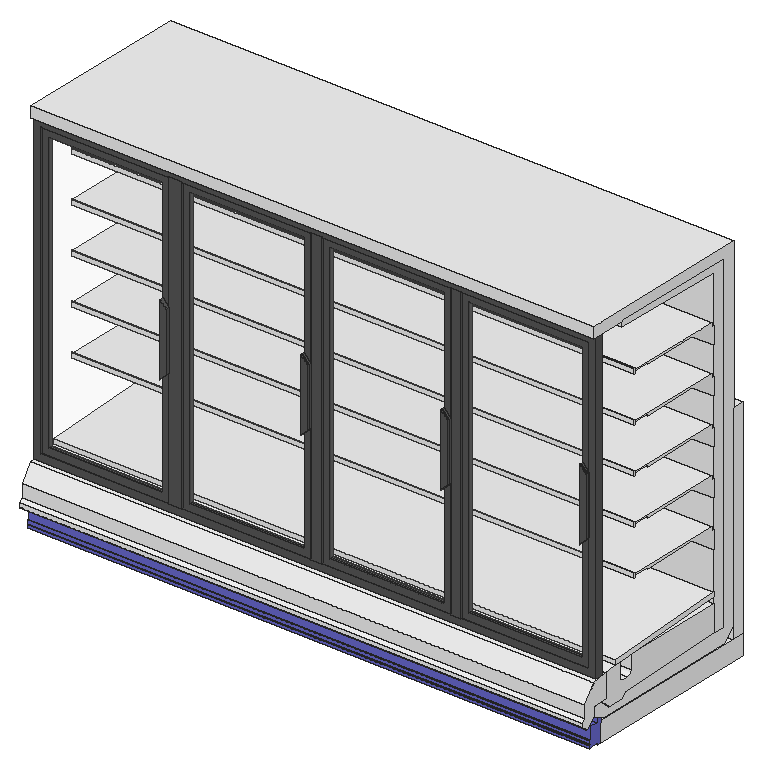
Revit family
Parameters (values of type "RM-4DR. INV 1 & 3")
  Width = 122 7/8"
  Voltage [instance] = 120 V
  URL = "www.hussmann.com"
  Type Comments = "LT Reach-In Merchandiser"
  Temp Sensor [instance] = "Low Voltage"
  Telephone = no
  System Control = "1.00 A"
  Standard Right End Cap On/Off [instance] = no
  Standard Left End Cap On/Off [instance] = no
  Revit Family Dates = "4/23/12PMA(0212)"
  Refrigerant Suction Connection Diameter = 7/8"
  Refrigerant Liquid Connection Diameter = 3/8"
  Refrig. Suction [instance] = "Suction"
  Refrig. Liquid [instance] = "Liquid"
  R.I. RH Doors YES/NO [instance] = no
  R.I. LH Doors YES/NO [instance] = yes
  R.I. - RH Door Swing YES/NO [instance] = no
  R.I. - LH Door Swing YES/NO [instance] = yes
  Phase [instance] = 1
  Number of Shelves = 0
  Model = "RM-4"
  Mirrored Right End Cap On/Off [instance] = no
  Mirrored Left End Cap On/Off [instance] = no
  Manufacturer = "Hussmann Corporation"
  MCA (Min Circ Amp) [instance] = 4.2 A
  Linear Shelf Length = 0"
  Height = 82 3/8"
  Front Height = 0"
  Frequency [instance] = 60 Hz
  Finish_Trim [instance] = Stainless Steel 2
  Finish_Top [instance] = none
  Finish_Shelf [instance] = Stainless Steel
  Finish_Handle = Metal-Black-Door
  Finish_Glass [instance] = Glass 2
  Finish_Frame = Metal-Black-Door
  Finish_Door [instance] = Metal-Black-Door
  Finish_Case [instance] = Stainless Steel
  Finish_Bumper [instance] = Metal-Blue-Trim
  Finish_Base [instance] = Stainless Steel
  EMS = no
  Drain Pipe Size = "1 1/4\""
  Description = "Low Temperature Reach-in(Frozen Food & Ice Cream)"
  Depth = 43 3/4"
  Data = "N/A"
  Copper-Suction [instance] = Copper
  Copper-Liquid [instance] = Copper
  Case Lights Amps [instance] = "0.72 A"
  Case Lights [instance] = 0.72 A
  Case Fans (MCA) [instance] = "4.20 A"
  Assembly Code = ""
  Accessories/Options = ""
Reference planes (in)
  plane 1 "Center (Front/Back)": y = 0
  plane 2: z = 0
  plane 3: y = -41.625
  plane 4: z = 13
  plane 5: z = 80
  plane 6: z = 82.375
  plane 7: y = -32
  plane 8: y = -43.75
  plane 9: y = -40.75
  plane 10: x = -62.05503
  plane 11: y = -40
  plane 12: x = 60.81997
  plane 13: x = 55.82723
  plane 14: y = -33
  plane 15: y = -37
  plane 16: x = -0.61027
  plane 17: y = -34.625
  plane 18: x = -25.61949
  plane 19: y = -33.625
  plane 20: x = 24.39895
Forms (in)
  Extrusion 1, solid, material "Stainless Steel" <- "Finish_Case"
    sketch origin (-62.05503, 0, 0) x (0, 1, 0) y (0, 0, 1)
      loop
        line (-5, 4.63662) -> (-2.5, 7.13662) -> (-2.5, 82.375) -> (-40.75, 82.375) -> (-40.75, 80) -> (-5.5, 80) -> (-5.5, 8.31202) -> (-32.09633, 7.00826) -> (-33.05546, 6.04913) -> (-36.55546, 6.04913) -> (-38.5, 7.99367) -> (-40.75, 7.99367) -> (-40.75, 5.99367) -> (-37.75, 4.63662) -> (-5, 4.63662)
    from 0 to 122.87891
  Extrusion 2, solid, material "Stainless Steel" <- "Finish_Case"
    sketch origin (-62.05503, 0, 0) x (0, 1, 0) y (0, 0, 1)
      loop
        line (-37.25, 13) -> (-40.75, 12.69379) -> (-43.04431, 9.41718) -> (-43.04431, 6.66718) -> (-43.75, 5.96149) -> (-43.75, 5.08872) -> (-42.58027, 4.2259) -> (-40.75, 5.99367) -> (-40.75, 7.99367) -> (-37.25, 7.99367) -> (-37.25, 13)
    from 0 to 122.87891
  Extrusion 3, solid, material "Stainless Steel" <- "Finish_Case"
    sketch origin (-62.05503, 0, 0) x (0, 1, 0) y (0, 0, 1)
      loop
        line (-2.5, 4.26162) -> (0, 4.26162) -> (0, 49.76162) -> (-2.5, 49.76162) -> (-2.5, 4.26162)
    from 0 to 122.87891
  Extrusion 4, solid, material "Stainless Steel" <- "Finish_Case"
    sketch origin (-62.05503, 0, 0) x (0, 1, 0) y (0, 0, 1)
      loop
        line (-5.5, 80) -> (-33, 80) -> (-33, 78.93638) -> (-7.75, 78.49564) -> (-7.75, 7.85845) -> (-5.5, 7.93702) -> (-5.5, 80)
    from 0 to 122.87891
  Extrusion 5, solid
    sketch origin (-62.05503, 0, 0) x (0, 1, 0) y (0, 0, 1)
      loop
        line (-33, 78.93638) -> (-33, 77.93638) -> (-30, 77.93638) -> (-30, 78.88401) -> (-33, 78.93638)
    from 0 to 119.87891
  Extrusion 6, solid, material "Stainless Steel" <- "Finish_Base"
    sketch origin (-62.05503, 0, 0) x (0, 1, 0) y (0, 0, 1)
      loop
        line (-36.55546, 6.04913) -> (-33.05546, 6.04913) -> (-32.09633, 7.00826) -> (-7.75, 7.85845) -> (-7.75, 13.65118) -> (-30.30697, 13.65118) -> (-30.30697, 10.65118)
        arc (-30.30697, 10.65118) -> (-30.59986, 9.94407) -> (-31.30697, 9.65118) r 1
        line (-31.30697, 9.65118) -> (-32.55697, 9.65118)
        arc (-32.55697, 9.65118) -> (-33.26408, 9.94407) -> (-33.55697, 10.65118) r 1
        line (-33.55697, 10.65118) -> (-33.55697, 13.52897) -> (-37.25, 13) -> (-37.25, 7.99367) -> (-38.5, 7.99367) -> (-36.55546, 6.04913)
    from 0 to 122.87891
  Extrusion 7, solid, material "Stainless Steel" <- "Finish_Shelf"
    sketch origin (-62.05503, 0, 0) x (0, 1, 0) y (0, 0, 1)
      loop
        line (-7.75, 64.26162) -> (-7.75, 68.01162) -> (-8.5, 68.01162) -> (-8.5, 69.01162) -> (-29.5, 69.01162) -> (-29.5, 69.26162) -> (-29.75, 69.26162) -> (-29.75, 68.26162) -> (-29.5, 68.26162) -> (-29.5, 68.76162) -> (-26, 68.76162) -> (-26, 68.51162) -> (-13.81963, 68.51162) -> (-7.75, 64.26162)
      loop
        line (-7.75, 54.26162) -> (-7.75, 58.01162) -> (-8.5, 58.01162) -> (-8.5, 59.01162) -> (-29.5, 59.01162) -> (-29.5, 59.26162) -> (-29.75, 59.26162) -> (-29.75, 58.26162) -> (-29.5, 58.26162) -> (-29.5, 58.76162) -> (-26, 58.76162) -> (-26, 58.51162) -> (-13.81963, 58.51162) -> (-7.75, 54.26162)
      loop
        line (-7.75, 44.26162) -> (-7.75, 48.01162) -> (-8.5, 48.01162) -> (-8.5, 49.01162) -> (-29.5, 49.01162) -> (-29.5, 49.26162) -> (-29.75, 49.26162) -> (-29.75, 48.26162) -> (-29.5, 48.26162) -> (-29.5, 48.76162) -> (-26, 48.76162) -> (-26, 48.51162) -> (-13.81963, 48.51162) -> (-7.75, 44.26162)
      loop
        line (-7.75, 34.26162) -> (-7.75, 38.01162) -> (-8.5, 38.01162) -> (-8.5, 39.01162) -> (-29.5, 39.01162) -> (-29.5, 39.26162) -> (-29.75, 39.26162) -> (-29.75, 38.26162) -> (-29.5, 38.26162) -> (-29.5, 38.76162) -> (-26, 38.76162) -> (-26, 38.51162) -> (-13.81963, 38.51162) -> (-7.75, 34.26162)
      loop
        line (-7.75, 24.26162) -> (-7.75, 28.01162) -> (-8.5, 28.01162) -> (-8.5, 29.01162) -> (-29.5, 29.01162) -> (-29.5, 29.26162) -> (-29.75, 29.26162) -> (-29.75, 28.26162) -> (-29.5, 28.26162) -> (-29.5, 28.76162) -> (-26, 28.76162) -> (-26, 28.51162) -> (-13.81963, 28.51162) -> (-7.75, 24.26162)
      loop
        line (-34.54319, 13.47728) -> (-7.75, 14.88146) -> (-7.75, 15.88283) -> (-34.54319, 14.47866) -> (-34.54319, 13.47728)
    from 0 to 122.87891
  Extrusion 8, solid, material "Stainless Steel"
    sketch origin (-60.55503, 0, 0) x (0, 1, 0) y (0, 0, 1)
      loop
        line (0, 4.26162) -> (-38.66016, 4.26162) -> (-38.66016, 0) -> (0, 0) -> (0, 4.26162)
    from 0 to -1.5
  Extrusion 9, solid, material "Stainless Steel"
    sketch origin (59.32723, 0, 0) x (0, 1, 0) y (0, 0, 1)
      loop
        line (0, 4.26162) -> (-38.66016, 4.26162) -> (-38.66016, 0) -> (0, 0) -> (0, 4.26162)
    from 0 to 1.5
  Extrusion 10, solid, material "Metal-Blue-Trim"
    sketch origin (-65.05503, 0, 0) x (0, 1, 0) y (0, 0, 1)
      loop
        line (-38.66016, 4.7871) -> (-39.66016, 5.36445) -> (-39.66016, 4.26162) -> (-41.375, 4.55297) -> (-41.375, 1.75) -> (-41.625, 1.75) -> (-41.625, 1) -> (-41.375, 1) -> (-41.375, 0.75) -> (-41.625, 0.75) -> (-41.625, 0.19004) -> (-39.66016, 0.52548) -> (-39.66016, 0) -> (-38.66016, 0) -> (-38.66016, 4.7871)
    from 3 to 125.87891
  Extrusion 11, solid, material "Stainless Steel"
    sketch origin (-65.05503, 0, 0) x (0, 1, 0) y (0, 0, 1)
      loop
        line (-30, 1.76162) -> (0, 1.76162) -> (0, 4.26162) -> (-30, 4.26162) -> (-30, 1.76162)
    from 4.5 to 124.37891
  Extrusion 12, solid, material "Glass 2"
    sketch origin (0, 0, 0) x (1, 0, 0) y (0, 1, 0)
      loop
        circle (55.82723, -37) r 0.375
      loop
        circle (55.82723, -37) r 0.36775
      loop
        circle (54.95081, -37) r 0.375
      loop
        circle (54.95081, -37) r 0.36775
      loop
        circle (54.07439, -37) r 0.375
      loop
        circle (54.07439, -37) r 0.36775
      loop
        circle (53.19797, -37) r 0.375
      loop
        circle (53.19797, -37) r 0.36775
      loop
        circle (52.32155, -37) r 0.375
      loop
        circle (52.32155, -37) r 0.36775
    from 4.63662 to 3.61208
  Extrusion 13, solid, material "Glass 2"
    sketch origin (0, 0, 0) x (1, 0, 0) y (0, 1, 0)
      loop
        circle (-0.61558, -34.54319) r 0.625
      loop
        circle (-0.61558, -34.54319) r 0.57589
    from 6.42413 to 1.75
  Extrusion 14, solid, material "Copper" <- "Copper-Suction"
    sketch origin (47.19921, 0, -0.375) x (1, 0, 0) y (0, 1, 0)
      loop
        circle (8.62802, -33) r 0.4375
      loop
        circle (8.62802, -33) r 0.41359
    from 4.26162 to 3.85142
  Extrusion 15, solid, material "Copper" <- "Copper-Liquid"
    sketch origin (47.19921, 0, -0.375) x (1, 0, 0) y (0, 1, 0)
      loop
        circle (7.05443, -33) r 0.1875
      loop
        circle (7.05443, -33) r 0.17284
    from 4.26162 to 3.85142
Lines and regions (in)
  symbolic lines
    curve 1: line (-62.05503, -43.75, 0) -> (-62.05503, 0, 0)
    curve 2: line (60.82723, 0, 0) -> (-62.05503, 0, 0)
    curve 3: line (60.82723, 0, 0) -> (60.82723, -43.75, 0)
    curve 4: line (-62.05503, -43.75, 0) -> (60.82723, -43.75, 0)
Dimensions and locks (in)
  plane 1 "Center (Front/Back)" to plane 3 = 41 5/8"
  "Depth": plane 1 "Center (Front/Back)" to plane 8
  level to plane 4 = 13"
  plane 3 to plane 1 "Center (Front/Back)" = 41 5/8"
  "Height": level to plane 6
  locked: plane 12 to plane 10 at 122.875
  plane 10 to plane 12 = 122 7/8"  (x2)
  plane 8 to plane 1 "Center (Front/Back)" = 43 3/4"
  aligned and locked: level to plane 2
  aligned and locked: curve 4 to Extrusion 2
  aligned and locked: Extrusion 12 to Extrusion 1
Automatic sketch dimensions
  Extrusion 1 sketch curve to plane 9 = 0"  (x2)
  Extrusion 1 sketch curve to plane 5 = 0"
  Extrusion 1 sketch curve to plane 6 = 0"
  Extrusion 1 sketch curve to Extrusion 1 sketch curve = 1.19454"
  plane 7 to Extrusion 1 sketch curve = 1.05546"
  plane 7 to Extrusion 1 sketch curve = 0.09633"
  plane 1 "Center (Front/Back)" to Extrusion 1 sketch curve = 5 1/2"
  Extrusion 1 sketch curve to Extrusion 1 sketch curve = 1/2"
  plane 1 "Center (Front/Back)" to Extrusion 1 sketch curve = 2 1/2"
  plane 4 to Extrusion 1 sketch curve = 5.00633"
  plane 4 to Extrusion 1 sketch curve = 4.68798"
  plane 4 to Extrusion 1 sketch curve = 5.99174"
  Extrusion 1 sketch curve to Extrusion 1 sketch curve = 1.1754"
  Extrusion 1 sketch curve to Extrusion 1 sketch curve = 1.94454"
  Extrusion 1 sketch curve to Extrusion 1 sketch curve = 2"
  Extrusion 1 sketch curve to Extrusion 1 sketch curve = 2 1/2"
  Extrusion 2 sketch curve to plane 8 = 0"
  Extrusion 2 sketch curve to plane 9 = 0"  (x2)
  Extrusion 2 sketch curve to plane 4 = 0"
  Extrusion 2 sketch curve to plane 8 = 0.70569"
  plane 3 to Extrusion 2 sketch curve = 0.95527"
  plane 4 to Extrusion 2 sketch curve = 0.30621"
  plane 4 to Extrusion 2 sketch curve = 3.58282"
  Extrusion 2 sketch curve to Extrusion 2 sketch curve = 1.42351"
  Extrusion 2 sketch curve to Extrusion 2 sketch curve = 1.32649"
  Extrusion 2 sketch curve to Extrusion 2 sketch curve = 2"
  Extrusion 2 sketch curve to Extrusion 2 sketch curve = 0.70569"
  Extrusion 2 sketch curve to Extrusion 2 sketch curve = 0.87277"
  Extrusion 2 sketch curve to Extrusion 2 sketch curve = 0.86282"
  Extrusion 3 sketch curve to plane 1 "Center (Front/Back)" = 0"
  Extrusion 3 sketch curve to Extrusion 3 sketch curve = 2 1/2"
  level to Extrusion 3 sketch curve = 4.26162"
  plane 5 to Extrusion 3 sketch curve = 30.23838"
  Extrusion 4 sketch curve to plane 5 = 0"
  plane 7 to Extrusion 4 sketch curve = 1"
  plane 1 "Center (Front/Back)" to Extrusion 4 sketch curve = 7 3/4"
  Extrusion 4 sketch curve to Extrusion 4 sketch curve = 2 1/4"
  Extrusion 4 sketch curve to Extrusion 4 sketch curve = 1.06362"
  plane 5 to Extrusion 4 sketch curve = 1.50436"
  plane 4 to Extrusion 4 sketch curve = 5.06298"
  Extrusion 4 sketch curve to Extrusion 4 sketch curve = 0.07857"
  plane 7 to Extrusion 5 sketch curve = 1"
  Extrusion 5 sketch curve to plane 7 = 2"
  plane 5 to Extrusion 5 sketch curve = 2.06362"
  Extrusion 5 sketch curve to Extrusion 5 sketch curve = 0.94763"
  Extrusion 5 sketch curve to Extrusion 5 sketch curve = 1"
  Extrusion 6 sketch curve to plane 4 = 0"
  Extrusion 6 sketch curve to Extrusion 6 sketch curve = 0.69454"
  plane 7 to Extrusion 6 sketch curve = 1.55697"
  plane 7 to Extrusion 6 sketch curve = 1.05546"
  plane 7 to Extrusion 6 sketch curve = 0.55697"
  plane 7 to Extrusion 6 sketch curve = 0.09633"
  Extrusion 6 sketch curve to plane 7 = 0.69303"
  Extrusion 6 sketch curve to Extrusion 6 sketch curve = 1"
  Extrusion 6 sketch curve to plane 4 = 0.65118"
  plane 1 "Center (Front/Back)" to Extrusion 6 sketch curve = 7 3/4"
  plane 4 to Extrusion 6 sketch curve = 2.34882"
  plane 4 to Extrusion 6 sketch curve = 5.00633"
  plane 4 to Extrusion 6 sketch curve = 5.14155"
  Extrusion 6 sketch curve to Extrusion 6 sketch curve = 2.64293"
  Extrusion 6 sketch curve to Extrusion 6 sketch curve = 1.94454"
  Extrusion 6 sketch curve to plane 4 = 0.52897"
  Extrusion 7 sketch curve to plane 4 = 0.47728"
  plane 7 to Extrusion 7 sketch curve = 2.54319"
  Extrusion 7 sketch curve to plane 7 = 2 1/4"  (x5)
  Extrusion 7 sketch curve to Extrusion 7 sketch curve = 1/4"  (x17)
  Extrusion 7 sketch curve to Extrusion 7 sketch curve = 0"  (x6)
  Extrusion 7 sketch curve to Extrusion 7 sketch curve = 3 1/2"  (x5)
  Extrusion 7 sketch curve to Extrusion 7 sketch curve = 12.18037"
  Extrusion 7 sketch curve to Extrusion 7 sketch curve = 5.31963"  (x5)
  Extrusion 7 sketch curve to Extrusion 7 sketch curve = 3/4"  (x5)
  Extrusion 7 sketch curve to plane 4 = 1.88146"
  plane 1 "Center (Front/Back)" to Extrusion 7 sketch curve = 7 3/4"
  Extrusion 7 sketch curve to Extrusion 7 sketch curve = 1.00137"  (x2)
  Extrusion 7 sketch curve to Extrusion 7 sketch curve = 8.37879"
  Extrusion 7 sketch curve to Extrusion 7 sketch curve = 3 3/4"  (x5)
  Extrusion 7 sketch curve to Extrusion 7 sketch curve = 13.78296"
  Extrusion 7 sketch curve to Extrusion 7 sketch curve = 1/2"  (x8)
  Extrusion 7 sketch curve to Extrusion 7 sketch curve = 5 1/4"  (x4)
  Extrusion 7 sketch curve to Extrusion 7 sketch curve = 9"  (x4)
  Extrusion 7 sketch curve to Extrusion 7 sketch curve = 1"  (x3)
  Extrusion 10 sketch curve to plane 3 = 0"  (x2)
  Extrusion 10 sketch curve to level = 0"
  Extrusion 10 sketch curve to plane 3 = 1/4"  (x2)
  plane 11 to Extrusion 10 sketch curve = 87/256"  (x2)
  level to Extrusion 10 sketch curve = 0.19004"
  Extrusion 10 sketch curve to Extrusion 10 sketch curve = 0.52548"  (x2)
  Extrusion 10 sketch curve to Extrusion 10 sketch curve = 0.55996"
  Extrusion 10 sketch curve to Extrusion 10 sketch curve = 1/4"
  Extrusion 10 sketch curve to Extrusion 10 sketch curve = 3/4"
  Extrusion 10 sketch curve to Extrusion 10 sketch curve = 2.51162"
  Extrusion 10 sketch curve to Extrusion 10 sketch curve = 0.29135"
  Extrusion 10 sketch curve to Extrusion 10 sketch curve = 1.10283"
  Extrusion 8 sketch curve to level = 0"
  Extrusion 8 sketch curve to plane 1 "Center (Front/Back)" = 0"
  Extrusion 8 sketch curve to Extrusion 8 sketch curve = 4.26162"
  Extrusion 9 sketch curve to level = 0"
  Extrusion 9 sketch curve to plane 1 "Center (Front/Back)" = 0"
  level to Extrusion 9 sketch curve = 4.26162"
  Extrusion 11 sketch curve to plane 1 "Center (Front/Back)" = 0"
  level to Extrusion 11 sketch curve = 1.76162"
  Extrusion 11 sketch curve to Extrusion 11 sketch curve = 2 1/2"
  curve 1 to plane 1 "Center (Front/Back)" = 0"
  curve 1 to plane 10 = 0"
  plane 12 to curve 3 = 0.00727"
  Extrusion 12 sketch curve to Extrusion 12 sketch curve = 0"  (x10)
  plane 15 to Extrusion 12 sketch curve = 0"  (x5)
  Extrusion 12 sketch curve to plane 13 = 0"
  Extrusion 12 sketch curve to Extrusion 12 sketch curve = 0.87642"  (x4)
  Extrusion 13 sketch curve to Extrusion 13 sketch curve = 0"  (x2)
  plane 16 to Extrusion 13 sketch curve = 0.00531"
  Extrusion 13 sketch curve to plane 17 = 0.08181"
  Extrusion 14 sketch curve to Extrusion 14 sketch curve = 0"  (x2)
  plane 14 to Extrusion 14 sketch curve = 0"
  Extrusion 14 sketch curve to plane 16 = 56 7/16"
  Extrusion 15 sketch curve to Extrusion 15 sketch curve = 0"  (x2)
  plane 14 to Extrusion 15 sketch curve = 0"
  Extrusion 15 sketch curve to plane 16 = 54.86391"
  plane 11 to Extrusion 1 sketch curve = 1 1/2"
  plane 15 to Extrusion 1 sketch curve = 3/4"
  plane 15 to Extrusion 2 sketch curve = 1/4"
  Extrusion 6 sketch curve to plane 15 = 0.44454"
  Extrusion 6 sketch curve to Extrusion 6 sketch curve = 1 1/4"
  plane 11 to Extrusion 8 sketch curve = 1 87/256"
  plane 11 to Extrusion 9 sketch curve = 1 87/256"
  Extrusion 10 sketch curve to Extrusion 10 sketch curve = 1"
  Extrusion 11 sketch curve to plane 7 = 2"
  radius of Extrusion 12 sketch curve = 3/8"  (x5)
  radius of Extrusion 12 sketch curve = 0.36775"  (x5)
  radius of Extrusion 13 sketch curve = 5/8"
  radius of Extrusion 13 sketch curve = 0.57589"
  radius of Extrusion 14 sketch curve = 7/16"
  radius of Extrusion 14 sketch curve = 0.41359"
  radius of Extrusion 15 sketch curve = 3/16"
  radius of Extrusion 15 sketch curve = 0.17284"
Nested families (in)
  nested 1: "Label Annotation 3-32" at (-0.61027, -8.125, -0.375), type "Label Annotation 3-32"
  nested 2: "RL-INNOVATORII_END PANEL" at (-59.93555, 0, 0), visible <- "Standard Left End Cap On/Off", type "RL-End Panel Mirrored"
    with Serial Number "N/A", Remarks "N/A", Received By "N/A", Furnished By "N/A", Finish_Trim Stainless Steel 2, Finish_Top none, Finish_Shelf Stainless Steel, Finish_Glass Glass 2, Finish_Door Metal Black-Door, Finish_Case Stainless Steel, Finish_Bumper Metal Blue-trim, Finish_Base Stainless Steel, Final Hookup By "N/A", Assembled By "N/A"
  nested 3: "RL-INNOVATORII_END PANEL" at (64.44672, 0, 0), visible <- "Standard Right End Cap On/Off", type "RL-End Panel Mirrored"
    with Serial Number "N/A", Remarks "N/A", Received By "N/A", Furnished By "N/A", Finish_Trim Stainless Steel 2, Finish_Top none, Finish_Shelf Stainless Steel, Finish_Glass Glass 2, Finish_Door Metal Black-Door, Finish_Case Stainless Steel, Finish_Bumper Metal Blue-trim, Finish_Base Stainless Steel, Final Hookup By "N/A", Assembled By "N/A"
  nested 4: "RL-INNOVATORII_END CAP MIRRORED" at (-59.93555, 0, 0), visible <- "Mirrored Left End Cap On/Off", type "RL-End Panel Mirrored"
    with Serial Number "N/A", Remarks "N/A", Received By "N/A", Furnished By "N/A", Finish_Trim Stainless Steel 2, Finish_Top none, Finish_Shelf Stainless Steel, Finish_Glass Glass 2, Finish_Door Metal Black-Door, Finish_Case Stainless Steel, Finish_Bumper Metal Blue-trim, Finish_Base Stainless Steel, Final Hookup By "N/A", Assembled By "N/A"
  nested 5: "RL-INNOVATORII_END CAP MIRRORED" at (64.44672, 0, 0), visible <- "Mirrored Right End Cap On/Off", type "RL-End Panel Mirrored"
    with Serial Number "N/A", Remarks "N/A", Received By "N/A", Furnished By "N/A", Finish_Trim Stainless Steel 2, Finish_Top none, Finish_Shelf Stainless Steel, Finish_Glass Glass 2, Finish_Door Metal Black-Door, Finish_Case Stainless Steel, Finish_Bumper Metal Blue-trim, Finish_Base Stainless Steel, Final Hookup By "N/A", Assembled By "N/A"
  nested 6: "Case Nodes" at (-25.61949, -41.625, 0), type "Case Nodes"
  nested 7: "Case Nodes" at (55.82723, -33, 0), type "Case Nodes"
  nested 8: "Case Nodes" at (55.82592, -36.99947, 0), type "Case Nodes"
  nested 9: "Case Nodes" at (-25.61949, -33.625, 0), type "Case Nodes"
  nested 10: "Case Nodes" at (24.39895, -41.625, 0) x (-1, 0, 0) z (0, 0, 1), type "Case Nodes"
  nested 11: "Case Nodes" at (24.39895, -33.625, 0) x (-1, 0, 0) z (0, 0, 1), type "Case Nodes"
  nested 12: "RL_4DR-LH" at (0, 0, 0), visible <- "R.I. LH Doors YES/NO", type "RL_4DR-LH"
    with Finish_Glass Glass 2, Finish_Door Metal-Black-Door
  nested 13: "RL_4DR-RH" at (0, 0, 0), visible <- "R.I. RH Doors YES/NO", type "RL_4DR-RH"
    with Finish_Glass Glass 2, Finish_Door Metal-Black-Door
  nested 14: "RL_4DR-LHDS" at (0.75, -3.75, 0), visible <- "R.I. - LH Door Swing YES/NO", type "RL_4DR-LHDS"
  nested 15: "RL_4DR-RHDS" at (-0.71555, -3.75, 0), visible <- "R.I. - RH Door Swing YES/NO", type "RL_4DR-RHDS"
Connectors (in)
  electrical at (55.82723, -37, 3.61208), driven by "Phase"
    settings: on Extrusion 12, index 3, voltage 208 V, apparent load 0 VA, apparent load phase1 0 VA, apparent load phase2 0 VA, apparent load phase3 0 VA, power factor 1, load classification "Power", number of poles 1, system type 30, power factor state 1, is connector primary yes, connector utility no, sub classification motor no, connector description "13.46 A"
  electrical at (54.95081, -37, 3.61208), driven by "Phase", driven by "Voltage", driven by "Case Fans (MCA)"
    settings: on Extrusion 12, index 4, voltage 120 V, apparent load 0 VA, apparent load phase1 0 VA, apparent load phase2 0 VA, apparent load phase3 0 VA, power factor 1, load classification "Power", number of poles 1, system type 30, power factor state 1, is connector primary no, connector utility no, sub classification motor no, connector description "4.20 A"
  electrical at (54.07439, -37, 3.61208), driven by "Phase", driven by "Voltage", driven by "Case Lights Amps"
    settings: on Extrusion 12, index 5, voltage 120 V, apparent load 0 VA, apparent load phase1 0 VA, apparent load phase2 0 VA, apparent load phase3 0 VA, power factor 1, load classification "Lighting", number of poles 1, system type 30, power factor state 1, is connector primary no, connector utility no, sub classification motor no, connector description "0.72 A"
  electrical at (53.19797, -37, 3.61208), driven by "System Control"
    settings: on Extrusion 12, index 6, voltage 0 V, apparent load 0 VA, apparent load phase1 0 VA, apparent load phase2 0 VA, apparent load phase3 0 VA, power factor 1, load classification "Other", number of poles 1, system type 13, power factor state 1, is connector primary no, connector utility no, sub classification motor no, connector description "1.00 A"
  electrical at (52.32155, -37, 3.61208), driven by "Temp Sensor"
    settings: on Extrusion 12, index 7, voltage 0 V, apparent load 0 VA, apparent load phase1 0 VA, apparent load phase2 0 VA, apparent load phase3 0 VA, power factor 1, load classification "Other", number of poles 1, system type 14, power factor state 1, is connector primary no, connector utility no, sub classification motor no, connector description "Low Voltage"
  piping at (-0.61558, -34.54319, 1.75), driven by "Drain Pipe Size"
    settings: on Extrusion 13, index 8, connector radius 5/8", flow factor 0, pipe flow 0 GPM, pressure drop 0.00 psi, fitting loss kfactor 0, connector angle 0.00°, fixture units 0, flow configuration 0, flow direction 0, fitting loss method 0, system type 16, connector reference index -1, connector utility 0, adjustable connector no, is connector primary yes, fitting loss table "", connector description "1 1/4\""
  piping at (55.82723, -33, 3.47642), driven by "Refrig. Suction"
    settings: on Extrusion 14, index 9, connector radius 7/16", flow factor 0, pipe flow 0 GPM, pressure drop 0.00 psi, fitting loss kfactor 0, connector angle 0.00°, fixture units 0, flow configuration 0, flow direction 2, fitting loss method 0, system type 22, connector reference index -1, connector utility 0, adjustable connector no, is connector primary no, fitting loss table "", connector description "Suction"
  piping at (54.25364, -33, 3.47642), driven by "Refrig. Liquid"
    settings: on Extrusion 15, index 10, connector radius 3/16", flow factor 0, pipe flow 0 GPM, pressure drop 0.00 psi, fitting loss kfactor 0, connector angle 0.00°, fixture units 0, flow configuration 0, flow direction 1, fitting loss method 0, system type 22, connector reference index -1, connector utility 0, adjustable connector no, is connector primary no, fitting loss table "", connector description "Liquid"
Definition of nested family "RL-INNOVATORII_END PANEL"
  Parameters (values of type "RL-End Panel Mirrored")
    Width = 1 1/2"
    Watts = ""
    Volts = ""
    URL = "www.hussmann.com"
    Type Comments = "N/A"
    Telephone = no
    Serial Number [instance] = "N/A"
    Remarks [instance] = "N/A"
    Refrigerant Type = "N/A"
    Received By [instance] = "N/A"
    Prototype = no
    Power = "N/A"
    PO Template = no
    Number of Shelves = 0
    Model = "RL- Mirrored End Panel"
    Manufacturer = "Hussmann"
    Linear Shelf Length = 0"
    Item = "N/A"
    Install Date - Actual = "N/A"
    Install Data - Projected = "N/A"
    Hot Water = no
    Height = 82"
    HP = ""
    Gas Type = "N/A"
    Gas Pipe Size = "N/A"
    Furnished By [instance] = "N/A"
    Front Height = 0"
    Finish_Trim [instance] = Stainless Steel 2
    Finish_Top [instance] = none
    Finish_Shelf [instance] = Stainless Steel
    Finish_Handle = Metal Black-Door
    Finish_Glass [instance] = Glass 2
    Finish_Frame = Metal Black-Door
    Finish_Door [instance] = Metal Black-Door
    Finish_Case [instance] = Stainless Steel
    Finish_Bumper [instance] = Metal Blue-trim
    Finish_Base [instance] = Stainless Steel
    Final Hookup By [instance] = "N/A"
    Evap Temp = ""
    EMS = no
    Drain Pipe Size = "N/A"
    Divisional Use = "N/A"
    Description 2 = "Impact Merchandiser"
    Description = "Low Temperature Reach-in(Food or Ice Cream)"
    Depth = 43 3/4"
    Data = "N/A"
    Cold Water = no
    Class Code = "N/A"
    Category = "N/A"
    BTU Rating = "N/A"
    Assembly Code = "E1090320"
    Assembled By [instance] = "N/A"
    Amps = ""
    Accessories/Options = "N/A"
  Reference planes (in)
    plane 1 "Center (Front/Back)": y = 0
    plane 2: z = 0
    plane 3: y = -43.75
  Forms (in)
    Extrusion 1, solid, material "Stainless Steel" <- "Finish_Case"
      sketch origin (-3.61949, 0, 0) x (0, 1, 0) y (0, 0, 1)
        loop
          line (0, 82) -> (-40.75, 82) -> (-40.75, 12.69379) -> (-43.04431, 9.41718) -> (-43.04431, 6.66718) -> (-43.75, 5.96149) -> (-43.75, 4.2259) -> (-41.5625, 4.2259) -> (-41.5625, 0) -> (0, 0) -> (0, 82)
      from 0 to 1.5
  Lines and regions (in)
    symbolic lines
      curve 1: line (-3.61949, 0, 0) -> (-2.11949, 0, 0)
      curve 2: line (-3.61949, -43.75, 0) -> (-3.61949, 0, 0)
      curve 3: line (-2.11949, -43.75, 0) -> (-3.61949, -43.75, 0)
      curve 4: line (-2.11949, 0, 0) -> (-2.11949, -43.75, 0)
  Dimensions and locks (in)
    plane 3 to plane 1 "Center (Front/Back)" = 43 3/4"
    Extrusion 1 to Extrusion 1 = 1 1/2"
    locked: Extrusion 1 to Extrusion 1 at 1.5  (x2)
    locked: Extrusion 1 to level at 82
    locked: plane 1 "Center (Front/Back)" to plane 3 at 43.75
    aligned: curve 1 to Extrusion 1  (x2)
    aligned: curve 4 to Extrusion 1  (x2)
Definition of nested family "RL-INNOVATORII_END CAP MIRRORED"
  Parameters (values of type "RL-End Panel Mirrored")
    Width = 1 1/2"
    Watts = ""
    Volts = ""
    URL = "www.hussmann.com"
    Type Comments = "N/A"
    Telephone = no
    Serial Number [instance] = "N/A"
    Remarks [instance] = "N/A"
    Refrigerant Type = "N/A"
    Received By [instance] = "N/A"
    Prototype = no
    Power = "N/A"
    PO Template = no
    Number of Shelves = 0
    Model = "RL- Mirrored End Panel"
    Manufacturer = "Hussmann"
    Linear Shelf Length = 0"
    Item = "N/A"
    Install Date - Actual = "N/A"
    Install Data - Projected = "N/A"
    Hot Water = no
    Height = 82"
    HP = ""
    Gas Type = "N/A"
    Gas Pipe Size = "N/A"
    Furnished By [instance] = "N/A"
    Front Height = 0"
    Finish_Trim [instance] = Stainless Steel 2
    Finish_Top [instance] = none
    Finish_Shelf [instance] = Stainless Steel
    Finish_Handle = Metal Black-Door
    Finish_Glass [instance] = Glass 2
    Finish_Frame = Metal Black-Door
    Finish_Door [instance] = Metal Black-Door
    Finish_Case [instance] = Stainless Steel
    Finish_Bumper [instance] = Metal Blue-trim
    Finish_Base [instance] = Stainless Steel
    Final Hookup By [instance] = "N/A"
    Evap Temp = ""
    EMS = no
    Drain Pipe Size = "N/A"
    Divisional Use = "N/A"
    Description 2 = "Impact Merchandiser"
    Description = "Low Temperature Reach-in(Food or Ice Cream)"
    Depth = 43 3/4"
    Data = "N/A"
    Cold Water = no
    Class Code = "N/A"
    Category = "N/A"
    BTU Rating = "N/A"
    Assembly Code = "E1090320"
    Assembled By [instance] = "N/A"
    Amps = ""
    Accessories/Options = "N/A"
  Reference planes (in)
    plane 1 "Center (Front/Back)": y = 0
    plane 2: z = 0
    plane 3: y = -43.75
  Forms (in)
    Extrusion 1, solid, material "Stainless Steel" <- "Finish_Case"
      sketch origin (-3.61949, 0, 0) x (0, 1, 0) y (0, 0, 1)
        loop
          line (0, 82) -> (-40.75, 82) -> (-40.75, 12.69379) -> (-43.04431, 9.41718) -> (-43.04431, 6.66718) -> (-43.75, 5.96149) -> (-43.75, 4.2259) -> (-41.5625, 4.2259) -> (-41.5625, 0) -> (0, 0) -> (0, 82)
      from 0 to 1.5
  Lines and regions (in)
    symbolic lines
      curve 1: line (-3.61949, 0, 0) -> (-2.11949, 0, 0)
      curve 2: line (-3.61949, -43.75, 0) -> (-3.61949, 0, 0)
      curve 3: line (-2.11949, -43.75, 0) -> (-3.61949, -43.75, 0)
      curve 4: line (-2.11949, 0, 0) -> (-2.11949, -43.75, 0)
  Dimensions and locks (in)
    plane 3 to plane 1 "Center (Front/Back)" = 43 3/4"
    Extrusion 1 to Extrusion 1 = 1 1/2"
    locked: Extrusion 1 to Extrusion 1 at 1.5  (x2)
    locked: Extrusion 1 to level at 82
    locked: plane 1 "Center (Front/Back)" to plane 3 at 43.75
    aligned: curve 1 to Extrusion 1  (x2)
    aligned: curve 4 to Extrusion 1  (x2)
Definition of nested family "RL_4DR-LH"
  Parameters (values of type "RL_4DR-LH")
    URL = "www.hussmann.com"
    Type Comments = ""
    Revit Family Dates = "5/18/12PMA"
    Model = ""
    Manufacturer = "Hussmann Corporation"
    Finish_Handle = Metal-Black-Door
    Finish_Glass [instance] = Glass 2
    Finish_Frame = Metal-Black-Door
    Finish_Door [instance] = Metal-Black-Door
    Description = "LH Reach-In Doors for RL-4 Merchandiser"
    Assembly Code = ""
    Accessories/Options = ""
  Reference planes (in)
    plane 1 "Center (Front/Back)": y = 0
    plane 2: z = 0
    plane 3: y = -41.625
    plane 4: z = 13
    plane 5: z = 80
    plane 6: z = 82.375
    plane 7: y = -32
    plane 8: y = -43.75
    plane 9: y = -40.75
    plane 10: x = -62.05503
    plane 11: y = -40
    plane 12: y = -39.25
    plane 13: x = 60.81997
    plane 14: x = 55.82723
    plane 15: y = -33
    plane 16: y = -37
    plane 17: x = -0.61027
    plane 18: y = -34.625
    plane 19: x = -25.61949
    plane 20: y = -33.625
    plane 21: x = 24.39895
  Forms (in)
    Sweep 1, solid, material "Metal-Black-Door" <- "Finish_Frame"
      path origin (0, 0, 0) x (1, 0, 0) y (0, 0, 1)
        loop
          line (-62.05503, 80) -> (-62.05503, 13) -> (60.81997, 13) -> (60.81997, 80) -> (-62.05503, 80)
      profile origin (-0.61753, 0, 80) x (0, 0, 1) y (0, -1, 0)
        loop
          line (0, 40) -> (-1.5, 40) -> (-1.5, 38.5) -> (0, 38.5) -> (0, 40)
    Extrusion 2, solid, material "Metal-Black-Door" <- "Finish_Frame"
      sketch origin (-29.90449, 0, 0) x (0, 1, 0) y (0, 0, 1)
        loop
          line (-40, 78.5) -> (-40, 14.5) -> (-38.5, 14.5) -> (-38.5, 78.5) -> (-40, 78.5)
      from 0.19 to -2.56
    Extrusion 3, solid, material "Metal-Black-Door" <- "Finish_Frame"
      sketch origin (0.69247, 0, 0) x (0, 1, 0) y (0, 0, 1)
        loop
          line (-40, 78.5) -> (-40, 14.5) -> (-38.5, 14.5) -> (-38.5, 78.5) -> (-40, 78.5)
      from 0.19 to -2.31
    Extrusion 4, solid, material "Metal-Black-Door" <- "Finish_Frame"
      sketch origin (31.03497, 0, 0) x (0, 1, 0) y (0, 0, 1)
        loop
          line (-40, 78.5) -> (-40, 14.5) -> (-38.5, 14.5) -> (-38.5, 78.5) -> (-40, 78.5)
      from 0.19 to -2.06
    Extrusion 5, solid, material "Metal-Black-Door" <- "Finish_Door"
      sketch origin (0, -40, 0) x (0, 0, 1) y (1, 0, 0)
        loop
          line (78.5, -60.55503) -> (78.5, -32.46449) -> (14.5, -32.46449) -> (14.5, -60.55503) -> (78.5, -60.55503)
        loop
          line (77, -59.05503) -> (77, -33.96449) -> (16, -33.96449) -> (16, -59.05503) -> (77, -59.05503)
        loop
          line (78.5, -29.71449) -> (78.5, -1.61753) -> (14.5, -1.61753) -> (14.5, -29.71449) -> (78.5, -29.71449)
        loop
          line (77, -28.21449) -> (77, -3.11753) -> (16, -3.11753) -> (16, -28.21449) -> (77, -28.21449)
        loop
          line (78.5, 0.88247) -> (78.5, 28.97551) -> (14.5, 28.97551) -> (14.5, 0.88247) -> (78.5, 0.88247)
        loop
          line (77, 2.38247) -> (77, 27.47551) -> (16, 27.47551) -> (16, 2.38247) -> (77, 2.38247)
        loop
          line (78.5, 31.22497) -> (78.5, 59.31997) -> (14.5, 59.31997) -> (14.5, 31.22497) -> (78.5, 31.22497)
        loop
          line (77, 32.72497) -> (77, 57.81942) -> (16, 57.81942) -> (16, 32.72497) -> (77, 32.72497)
      from 0.25 to 1.25
    Extrusion 6, solid, material "Glass 2" <- "Finish_Glass"
      sketch origin (0, -39.25, 0) x (1, 0, 0) y (0, 0, 1)
        loop
          line (-59.05503, 77) -> (-59.05503, 16) -> (-33.96449, 16) -> (-33.96449, 77) -> (-59.05503, 77)
        loop
          line (-28.21449, 77) -> (-28.21449, 16) -> (-3.11753, 16) -> (-3.11753, 77) -> (-28.21449, 77)
        loop
          line (2.38247, 77) -> (2.38247, 16) -> (27.47551, 16) -> (27.47551, 77) -> (2.38247, 77)
        loop
          line (32.72497, 77) -> (32.72497, 16) -> (57.81942, 16) -> (57.81942, 77) -> (32.72497, 77)
      from 0.15 to -0.15
    Extrusion 7, solid, material "Metal-Black-Door" <- "Finish_Handle"
      sketch origin (-19.81375, -3.125, 31.9375) x (1, 0, 0) y (0, 0, 1)
        loop
          line (-14.15074, 22.4375) -> (-14.15074, 22.08395) -> (-12.90074, 20.83395) -> (-12.90074, 8.29105) -> (-14.15074, 7.04105) -> (-14.15074, 6.6875) -> (-12.65074, 8.1875) -> (-12.65074, 20.9375) -> (-14.15074, 22.4375)
      from 36.875 to 37.375
    Extrusion 8, solid, material "Metal-Black-Door" <- "Finish_Handle"
      sketch origin (-19.81375, -40.5, 31.9375) x (1, 0, 0) y (0, 0, 1)
        loop
          line (-12.65074, 20.9375) -> (-14.15074, 22.4375) -> (-14.15074, 6.6875) -> (-12.65074, 8.1875) -> (-12.65074, 20.9375)
      from 0.25 to 0
    Extrusion 9, solid, material "Metal-Black-Door"
      sketch origin (11.03125, -3.125, 31.9375) x (1, 0, 0) y (0, 0, 1)
        loop
          line (-14.14878, 22.4375) -> (-14.14878, 22.08395) -> (-12.89878, 20.83395) -> (-12.89878, 8.29105) -> (-14.14878, 7.04105) -> (-14.14878, 6.6875) -> (-12.64878, 8.1875) -> (-12.64878, 20.9375) -> (-14.14878, 22.4375)
      from 36.875 to 37.375
    Extrusion 10, solid, material "Metal-Black-Door"
      sketch origin (11.03125, -40.5, 31.9375) x (1, 0, 0) y (0, 0, 1)
        loop
          line (-12.64878, 20.9375) -> (-14.14878, 22.4375) -> (-14.14878, 6.6875) -> (-12.64878, 8.1875) -> (-12.64878, 20.9375)
      from 0.25 to 0
    Extrusion 11, solid, material "Metal-Black-Door"
      sketch origin (41.62625, -3.125, 31.9375) x (1, 0, 0) y (0, 0, 1)
        loop
          line (-14.15074, 22.4375) -> (-14.15074, 22.08395) -> (-12.90074, 20.83395) -> (-12.90074, 8.29105) -> (-14.15074, 7.04105) -> (-14.15074, 6.6875) -> (-12.65074, 8.1875) -> (-12.65074, 20.9375) -> (-14.15074, 22.4375)
      from 36.875 to 37.375
    Extrusion 12, solid, material "Metal-Black-Door"
      sketch origin (41.62625, -40.5, 31.9375) x (1, 0, 0) y (0, 0, 1)
        loop
          line (-12.65074, 20.9375) -> (-14.15074, 22.4375) -> (-14.15074, 6.6875) -> (-12.65074, 8.1875) -> (-12.65074, 20.9375)
      from 0.25 to 0
    Extrusion 13, solid, material "Metal-Black-Door"
      sketch origin (71.9707, -3.125, 31.9375) x (1, 0, 0) y (0, 0, 1)
        loop
          line (-14.15128, 22.4375) -> (-14.15128, 22.08395) -> (-12.90074, 20.83395) -> (-12.90074, 8.29105) -> (-14.15128, 7.04105) -> (-14.15128, 6.6875) -> (-12.65074, 8.1875) -> (-12.65074, 20.9375) -> (-14.15128, 22.4375)
      from 36.875 to 37.375
    Extrusion 14, solid, material "Metal-Black-Door"
      sketch origin (71.9707, -40.5, 31.9375) x (1, 0, 0) y (0, 0, 1)
        loop
          line (-12.65074, 20.9375) -> (-14.15128, 22.4375) -> (-14.15128, 6.6875) -> (-12.65074, 8.1875) -> (-12.65074, 20.9375)
      from 0.25 to 0
  Cuts and joins
    joined: Extrusion 7, Extrusion 8
  Dimensions and locks (in)
    aligned and locked: level to plane 2
Definition of nested family "RL_4DR-RH"
  Parameters (values of type "RL_4DR-RH")
    URL = "www.hussmann.com"
    Type Comments = ""
    Revit Family Dates = "5/18/12PMA"
    Model = ""
    Manufacturer = "Hussmann Corporation"
    Finish_Handle = Metal-Black-Door
    Finish_Glass [instance] = Glass 2
    Finish_Frame = Metal-Black-Door
    Finish_Door [instance] = Metal-Black-Door
    Description = "RH Reach-In Doors for RL-4 Merchandiser"
    Assembly Code = ""
    Accessories/Options = ""
  Reference planes (in)
    plane 1 "Center (Front/Back)": y = 0
    plane 2: z = 0
    plane 3: y = -41.625
    plane 4: z = 13
    plane 5: z = 80
    plane 6: z = 82.375
    plane 7: y = -32
    plane 8: y = -43.75
    plane 9: y = -40.75
    plane 10: x = -62.05503
    plane 11: y = -40
    plane 12: y = -39.25
    plane 13: x = 60.81997
    plane 14: x = 55.82723
    plane 15: y = -33
    plane 16: y = -37
    plane 17: x = -0.61027
    plane 18: y = -34.625
    plane 19: x = -25.61949
    plane 20: y = -33.625
    plane 21: x = 24.39895
  Forms (in)
    Sweep 1, solid, material "Metal-Black-Door" <- "Finish_Frame"
      path origin (0, 0, 0) x (1, 0, 0) y (0, 0, 1)
        loop
          line (-62.05503, 80) -> (-62.05503, 13) -> (60.81997, 13) -> (60.81997, 80) -> (-62.05503, 80)
      profile origin (-0.61753, 0, 80) x (0, 0, 1) y (0, -1, 0)
        loop
          line (0, 40) -> (-1.5, 40) -> (-1.5, 38.5) -> (0, 38.5) -> (0, 40)
    Extrusion 2, solid, material "Metal-Black-Door" <- "Finish_Frame"
      sketch origin (-29.90449, 0, 0) x (0, 1, 0) y (0, 0, 1)
        loop
          line (-40, 78.5) -> (-40, 14.5) -> (-38.5, 14.5) -> (-38.5, 78.5) -> (-40, 78.5)
      from 0.19 to -2.56
    Extrusion 3, solid, material "Metal-Black-Door" <- "Finish_Frame"
      sketch origin (0.69247, 0, 0) x (0, 1, 0) y (0, 0, 1)
        loop
          line (-40, 78.5) -> (-40, 14.5) -> (-38.5, 14.5) -> (-38.5, 78.5) -> (-40, 78.5)
      from 0.19 to -2.31
    Extrusion 4, solid, material "Metal-Black-Door" <- "Finish_Frame"
      sketch origin (31.03497, 0, 0) x (0, 1, 0) y (0, 0, 1)
        loop
          line (-40, 78.5) -> (-40, 14.5) -> (-38.5, 14.5) -> (-38.5, 78.5) -> (-40, 78.5)
      from 0.19 to -2.06
    Extrusion 5, solid, material "Metal-Black-Door" <- "Finish_Door"
      sketch origin (0, -40, 0) x (0, 0, 1) y (1, 0, 0)
        loop
          line (78.5, -60.55503) -> (78.5, -32.46449) -> (14.5, -32.46449) -> (14.5, -60.55503) -> (78.5, -60.55503)
        loop
          line (77, -59.05503) -> (77, -33.96449) -> (16, -33.96449) -> (16, -59.05503) -> (77, -59.05503)
        loop
          line (78.5, -29.71449) -> (78.5, -1.61753) -> (14.5, -1.61753) -> (14.5, -29.71449) -> (78.5, -29.71449)
        loop
          line (77, -28.21449) -> (77, -3.11753) -> (16, -3.11753) -> (16, -28.21449) -> (77, -28.21449)
        loop
          line (78.5, 0.88247) -> (78.5, 28.97551) -> (14.5, 28.97551) -> (14.5, 0.88247) -> (78.5, 0.88247)
        loop
          line (77, 2.38247) -> (77, 27.47551) -> (16, 27.47551) -> (16, 2.38247) -> (77, 2.38247)
        loop
          line (78.5, 31.22497) -> (78.5, 59.31997) -> (14.5, 59.31997) -> (14.5, 31.22497) -> (78.5, 31.22497)
        loop
          line (77, 32.72497) -> (77, 57.81942) -> (16, 57.81942) -> (16, 32.72497) -> (77, 32.72497)
      from 0.25 to 1.25
    Extrusion 6, solid, material "Glass 2" <- "Finish_Glass"
      sketch origin (0, -39.25, 0) x (1, 0, 0) y (0, 0, 1)
        loop
          line (-59.05503, 77) -> (-59.05503, 16) -> (-33.96449, 16) -> (-33.96449, 77) -> (-59.05503, 77)
        loop
          line (-28.21449, 77) -> (-28.21449, 16) -> (-3.11753, 16) -> (-3.11753, 77) -> (-28.21449, 77)
        loop
          line (2.38247, 77) -> (2.38247, 16) -> (27.47551, 16) -> (27.47551, 77) -> (2.38247, 77)
        loop
          line (32.72497, 77) -> (32.72497, 16) -> (57.81942, 16) -> (57.81942, 77) -> (32.72497, 77)
      from 0.15 to -0.15
    Extrusion 7, solid, material "Metal-Black-Door" <- "Finish_Handle"
      sketch origin (18.57868, -3.125, 31.9375) x (-1, 0, 0) y (0, 0, -1)
        loop
          line (-14.15074, -22.4375) -> (-12.65074, -20.9375) -> (-12.65074, -8.1875) -> (-14.15074, -6.6875) -> (-14.15074, -7.04105) -> (-12.90074, -8.29105) -> (-12.90074, -20.83395) -> (-14.15074, -22.08395) -> (-14.15074, -22.4375)
      from 36.875 to 37.375
    Extrusion 8, solid, material "Metal-Black-Door" <- "Finish_Handle"
      sketch origin (18.57868, -40.5, 31.9375) x (-1, 0, 0) y (0, 0, -1)
        loop
          line (-12.65074, -20.9375) -> (-12.65074, -8.1875) -> (-14.15074, -6.6875) -> (-14.15074, -22.4375) -> (-12.65074, -20.9375)
      from 0.25 to 0
    Extrusion 9, solid, material "Metal-Black-Door"
      sketch origin (-11.76632, -3.125, 31.9375) x (-1, 0, 0) y (0, 0, -1)
        loop
          line (-14.14878, -22.4375) -> (-12.64878, -20.9375) -> (-12.64878, -8.1875) -> (-14.14878, -6.6875) -> (-14.14878, -7.04105) -> (-12.89878, -8.29105) -> (-12.89878, -20.83395) -> (-14.14878, -22.08395) -> (-14.14878, -22.4375)
      from 36.875 to 37.375
    Extrusion 10, solid, material "Metal-Black-Door"
      sketch origin (-11.76632, -40.5, 31.9375) x (-1, 0, 0) y (0, 0, -1)
        loop
          line (-12.64878, -20.9375) -> (-12.64878, -8.1875) -> (-14.14878, -6.6875) -> (-14.14878, -22.4375) -> (-12.64878, -20.9375)
      from 0.25 to 0
    Extrusion 11, solid, material "Metal-Black-Door"
      sketch origin (-42.36522, -3.125, 31.9375) x (-1, 0, 0) y (0, 0, -1)
        loop
          line (-14.15074, -22.4375) -> (-12.65074, -20.9375) -> (-12.65074, -8.1875) -> (-14.15074, -6.6875) -> (-14.15074, -7.04105) -> (-12.90074, -8.29105) -> (-12.90074, -20.83395) -> (-14.15074, -22.08395) -> (-14.15074, -22.4375)
      from 36.875 to 37.375
    Extrusion 12, solid, material "Metal-Black-Door"
      sketch origin (-42.36522, -40.5, 31.9375) x (-1, 0, 0) y (0, 0, -1)
        loop
          line (-12.65074, -20.9375) -> (-12.65074, -8.1875) -> (-14.15074, -6.6875) -> (-14.15074, -22.4375) -> (-12.65074, -20.9375)
      from 0.25 to 0
    Extrusion 13, solid, material "Metal-Black-Door"
      sketch origin (-73.20577, -3.125, 31.9375) x (-1, 0, 0) y (0, 0, -1)
        loop
          line (-14.15128, -22.4375) -> (-12.65074, -20.9375) -> (-12.65074, -8.1875) -> (-14.15128, -6.6875) -> (-14.15128, -7.04105) -> (-12.90074, -8.29105) -> (-12.90074, -20.83395) -> (-14.15128, -22.08395) -> (-14.15128, -22.4375)
      from 36.875 to 37.375
    Extrusion 14, solid, material "Metal-Black-Door"
      sketch origin (-73.20577, -40.5, 31.9375) x (-1, 0, 0) y (0, 0, -1)
        loop
          line (-12.65074, -20.9375) -> (-12.65074, -8.1875) -> (-14.15128, -6.6875) -> (-14.15128, -22.4375) -> (-12.65074, -20.9375)
      from 0.25 to 0
  Dimensions and locks (in)
    aligned and locked: level to plane 2
Definition of nested family "Label Annotation 3-32"
  Parameters
    Label = ""
  Reference planes (in)
    plane 1: y = 0
    plane 2: x = 0
  Text (in)
    label "Label" at (0.00375, -0.00345, 0), shows "Label"
Definition of nested family "Case Nodes"
  Reference planes (in)
    plane 1 "Center (Front/Back)": y = 0
    plane 2: z = 0
    plane 3 "Center (Left/Right)": x = 0
  Lines and regions (in)
    model lines, style "InvisibleLines"
      curve 1: line (2.12132, 2.12132, 0) -> (-2.12132, -2.12132, 0)
      curve 2: line (-2.12132, 2.12132, 0) -> (2.12132, -2.12132, 0)
  Dimensions and locks (in)
    aligned and locked: plane 2 to level
Definition of nested family "RL_4DR-LHDS"
  Parameters (values of type "RL_4DR-LHDS")
    URL = "www.hussmann.com"
    Type Comments = ""
    Revit Family Dates = "5/18/12PMA"
    Model = ""
    Manufacturer = "Hussmann Corporation"
    Description = "LH Reach-In Door Swings for RL-4 Merchandiser"
    Assembly Code = ""
    Accessories/Options = ""
  Reference planes (in)
    plane 1 "Center (Front/Back)": y = 0
    plane 2: z = 0
    plane 3: y = -41.625
    plane 4: z = 13
    plane 5: z = 80
    plane 6: z = 82.375
    plane 7: y = -32
    plane 8: y = -43.75
    plane 9: y = -40.75
    plane 10: x = -62.05503
    plane 11: y = -40
    plane 12: x = 60.81997
    plane 13: x = 55.82723
    plane 14: y = -33
    plane 15: y = -37
    plane 16: x = -0.61027
    plane 17: y = -34.625
    plane 18: x = -25.61949
    plane 19: y = -33.625
    plane 20: x = 24.39895
  Lines and regions (in)
    symbolic lines
      curve 1: line (30.09997, -40, 0) -> (30.09997, -69.25, 0)
      curve 2: line (-0.36753, -40, 0) -> (-0.36753, -69.5, 0)
      curve 3: line (-31.08949, -40, 0) -> (-31.08949, -69.5, 0)
      curve 4: line (-62.05503, -40, 0) -> (-62.05503, -70, 0)
      curve 5: arc (-62.05503, -70, 0) -> (-40.84183, -61.2132, 0) -> (-32.05503, -40, 0) r 30
      curve 6: arc (-31.08949, -69.5, 0) -> (-10.22984, -60.85965, 0) -> (-1.58949, -40, 0) r 29.5
      curve 7: arc (-0.36753, -69.5, 0) -> (20.49212, -60.85965, 0) -> (29.13247, -40, 0) r 29.5
      curve 8: arc (30.09997, -69.25, 0) -> (50.78284, -60.68287, 0) -> (59.34997, -40, 0) r 29.25
  Dimensions and locks (in)
    aligned and locked: level to plane 2
Definition of nested family "RL_4DR-RHDS"
  Parameters (values of type "RL_4DR-RHDS")
    URL = "www.hussmann.com"
    Type Comments = ""
    Revit Family Dates = "5/18/12PMA"
    Model = ""
    Manufacturer = "Hussmann Corporation"
    Description = "RH Reach-In Door Swings for RL-4 Merchandiser"
    Assembly Code = ""
    Accessories/Options = ""
  Reference planes (in)
    plane 1 "Center (Front/Back)": y = 0
    plane 2: z = 0
    plane 3: y = -41.625
    plane 4: z = 13
    plane 5: z = 80
    plane 6: z = 82.375
    plane 7: y = -32
    plane 8: y = -43.75
    plane 9: y = -40.75
    plane 10: x = -62.05503
    plane 11: y = -40
    plane 12: x = 60.81997
    plane 13: x = 55.82723
    plane 14: y = -33
    plane 15: y = -37
    plane 16: x = -0.61027
    plane 17: y = -34.625
    plane 18: x = -25.61949
    plane 19: y = -33.625
    plane 20: x = 24.39895
  Lines and regions (in)
    symbolic lines
      curve 1: line (-31.08949, -40, 0) -> (-31.08949, -69.5, 0)
      curve 2: line (-0.36753, -40, 0) -> (-0.36753, -69.34695, 0)
      curve 3: line (30.09997, -40, 0) -> (30.09997, -69.2175, 0)
      curve 4: line (60.81997, -40, 0) -> (60.81997, -69.595, 0)
      curve 5: arc (-60.58949, -40, 0) -> (-51.94914, -60.85965, 0) -> (-31.08949, -69.5, 0) r 29.5
      curve 6: arc (-29.71449, -40, 0) -> (-21.11896, -60.75143, 0) -> (-0.36753, -69.34695, 0) r 29.34695
      curve 7: arc (0.88247, -40, 0) -> (9.44007, -60.65989, 0) -> (30.09997, -69.2175, 0) r 29.2175
      curve 8: arc (31.22497, -40, 0) -> (39.89314, -60.92683, 0) -> (60.81997, -69.595, 0) r 29.595
  Dimensions and locks (in)
    aligned and locked: level to plane 2
